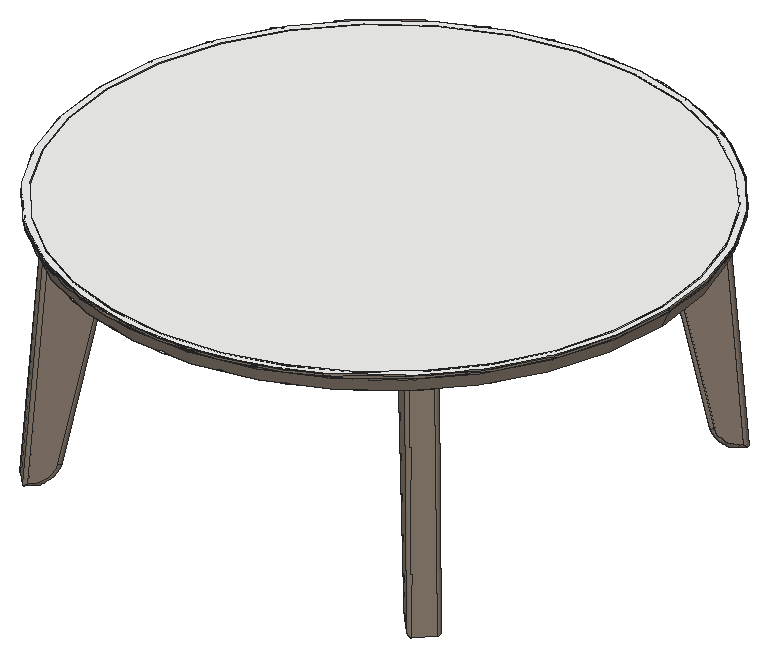
Revit family "Table-Casual-Naughtone-Dalby_DIA_Coffee1", category Furniture, Revit 2016
Family settings
  OmniClass Number = 23.40.20.00
  OmniClass Title = General Furniture and Specialties
  Work Plane-Based = No
  Always vertical = Yes
  Cut with Voids When Loaded = No
  Shared = Yes
  Room Calculation Point = No
Parameters (values of type "850mmx850mmx350mm")
  _distributed by = "www.bimbox.co.uk"  # constant formula
  _current revision = "1"
  _created by = "BIMBox"  # constant formula
  _author = "BIMBox"  # constant formula
  _BIMspec_GUID = 0
  WarrantyStartDate [instance] = "<User Defined>"
  WarrantyGuarantorParts = "sales@naughtone.com"
  WarrantyGuarantorLabor = "sales@naughtone.com"
  WarrantyDurationUnit = "Years"
  WarrantyDurationParts = "5"
  WarrantyDurationLabor = "5"
  WarrantyDescription = "5 year warranty"
  Version = "2"
  Uniclass2015 = "40.50.21.14"
  URL = "http://www.naughtone.com/"
  TypeName = "Table-Casual-Naughtone-Dalby_DIA_Coffee"
  Type Comments = "850x850x350"
  TopRadius [instance] = ((NominalWidth / 2) - (EdgeOffset))  # 415 mm
  TagNumber = "0.000000"
  SustainabilityPerformance = "89.64% reusable content"
  Size = "650mmx650mmx350mm"
  Shape = "Circular"
  SerialNumber = "0.000000"
  ReplacementCost = "0.00"
  ProductInformation = "http://www.naughtone.com/wp-content/uploads/2015/05/Dalby-Brochure-FISP-2015.pdf?49171d"
  Product URL = "http://www.naughtone.com/portfolio-view/dalby"
  Option [instance] = if(HasReverseChamfer, "MFMDF with reverse chamfer", if(HasBandEdge, "MFMDF edge banded", "n/a"))  # "MFMDF with reverse chamfer"
  NominalWidth = 850 mm
  NominalLength = NominalWidth  # 850 mm
  NominalHeight = 350 mm  # constant formula
  Name = "650mmx650mmx350mm, Dalby Circular Coffee Table"
  NBSReference = "40.50.21.14"
  NBSDescription = "n/a"
  Mtrl_Top [instance] = Laminate-White-Smooth
  Mtrl_Frame [instance] = Wood-Oak-Satin_Frame
  Mtrl_EdgeTop [instance] = Wood-Oak-Matte_Top
  ModelReference = "Dalby Circular Coffee Table"
  ModelNumber = "DAL-850-DIA-LO"
  Model = "DAL-850-DIA-LO"
  Material = "MFMDF Top; Solid Oak Legs"
  ManufacturerAddressUK = "201 Pannal Business Park, Station Road, Harrogate, HG3 1JL"  # constant formula
  Manufacturer = "Naughtone"  # constant formula
  Keynote = "40.50.21.14"
  InstallationDate [instance] = "<User Defined>"
  HasReverseChamfer [instance] = yes
  HasBandEdge [instance] = not(HasReverseChamfer)  # no
  Grade = "n/a"
  Finish = "Polyster powder coat; various top finishes available"
  Features = "n/a"
  ExpectedLife = "15-20"
  EdgeOffset [instance] = if(HasReverseChamfer, 10 mm, 5 mm)  # 10 mm
  DurationUnit = "Years"
  Description = "Dalby Circular Coffee Table"
  CreatedOn = "2015.07.15"
  CreatedBy = "Naughtone"  # constant formula
  Cost = 0
  ContactTelephoneNumber = "+44 (0) 1423 816500"
  ContactEmailAddress = "sales@naughtone.com"
  Constituents = "Wood Top; Solid Oak frame"
  ComponentDescription = "The Dalby table will inject warmth and quality into an interior without raising any eyebrows. Dalby provides a practical, robust surface and maximised leg positions for clear, useable access all round the table."
  Color = "White"
  CodePerformance = "FISP Certified; ISO14001 Certified"
  Category = "40.50.21.14 : Coffee Tables"
  BarCode = "0.000000"
  BIMObjectName = "Table-Casual-Naughtone-Dalby_DIA_Coffee"
  AssetType = "Movable"
  AssetIdentifier = "DAL-850-DIA-LO"
  Assembly Code = "E2020"
  AdditionalMaterials = "Additional material and finish options available. Please contact Naughtone direct for further information."
  AccessibilityPerformance = "n/a"
Reference planes
  plane 1 "Center (Front/Back)": y = 0
  plane 2: z = 0
  plane 3 "Center (Left/Right)": x = 0
  plane 4 "Left": x = -425
  plane 5 "Right": x = 425
  plane 6 "Rear": y = 425
  plane 7 "Front": y = -425
  plane 8 "Top": z = 350
  plane 9: x = -415
  plane 10: y = -415
  plane 11: y = 415
  plane 12: x = 415
  plane 13 "EdgeProfile": z = 325
  plane 14: y = -420
Forms (mm)
  Sweep 1, solid, material "Wood-Oak-Matte_Top" <- "Mtrl_EdgeTop", visible <- "HasReverseChamfer"
    path origin (0, 0, 325) x (-1, 0, 0) y (0, -1, 0)
      loop
        circle (0, 0) r 415
    profile origin (0, -415, 325) x (0, 1, 0) y (0, 0, 1)
      loop
        line (0, 25) -> (-9.5, 25)
        arc (-9.5, 25) -> (-9.854, 24.854) -> (-10, 24.5) r 0.5
        line (-10, 24.5) -> (-10, 21.379)
        arc (-10, 21.379) -> (-9.925, 20.513) -> (-9.701, 19.674) r 5
        line (-9.701, 19.674) -> (-1.167, 0) -> (0, 0) -> (0, 25)
  Sweep 2, solid, material "Wood-Oak-Matte_Top" <- "Mtrl_EdgeTop", visible <- "HasBandEdge"
    path origin (0, 0, 325) x (-1, 0, 0) y (0, -1, 0)
      loop
        circle (0, 0) r 415
    profile origin (0, -415, 325) x (0, 1, 0) y (0, 0, 1)
      loop
        line (-5, 20) -> (-5, 5)
        arc (-5, 5) -> (-3.536, 1.464) -> (0, 0) r 5
        line (0, 0) -> (0, 25)
        arc (0, 25) -> (-3.536, 23.536) -> (-5, 20) r 5
  Extrusion 3, solid, material "Laminate-White-Smooth" <- "Mtrl_Top"
    sketch origin (0, 0, 325) x (-1, 0, 0) y (0, -1, 0)
      loop
        circle (0, 0) r 415
    from 0 to 25
Dimensions and locks
  equal spacing: plane 4 "Left", plane 3 "Center (Left/Right)", plane 5 "Right"
  "NominalWidth": plane 4 "Left" to plane 5 "Right"
  equal spacing: plane 6 "Rear", plane 1 "Center (Front/Back)", plane 7 "Front"
  "NominalLength": plane 6 "Rear" to plane 7 "Front"
  "NominalHeight": plane 8 "Top" to level
  "EdgeOffset": plane 4 "Left" to plane 9
  "EdgeOffset": plane 12 to plane 5 "Right"
  "EdgeOffset": plane 6 "Rear" to plane 11
  "EdgeOffset": plane 10 to plane 7 "Front"
  locked: plane 8 "Top" to plane 13 "EdgeProfile" at 25
  locked: plane 14 to plane 10 at 5
  "TopRadius": radius of Extrusion 3 sketch curve
  "TopRadius": radius of Sweep 1 sketch curve
  "TopRadius": radius of Sweep 2 sketch curve
  aligned and locked: level to plane 2
  aligned and locked: plane 8 "Top" to Sweep 1 sketch curve
  aligned and locked: plane 13 "EdgeProfile" to Sweep 1 sketch curve
  aligned and locked: plane 10 to Sweep 2 sketch curve
  aligned and locked: plane 14 to Sweep 2 sketch curve
  aligned and locked: plane 8 "Top" to Extrusion 3
  aligned and locked: Extrusion 3 to plane 13 "EdgeProfile"
  aligned and locked: plane 1 "Center (Front/Back)" to Extrusion 3 sketch curve
  aligned and locked: plane 3 "Center (Left/Right)" to Extrusion 3 sketch curve
  aligned and locked: plane 1 "Center (Front/Back)" to Sweep 1 sketch curve
  aligned and locked: plane 3 "Center (Left/Right)" to Sweep 1 sketch curve
  aligned and locked: plane 3 "Center (Left/Right)" to Sweep 2 sketch curve
  aligned and locked: plane 1 "Center (Front/Back)" to Sweep 2 sketch curve
  aligned and locked: plane 3 "Center (Left/Right)" to nested 1
  aligned and locked: plane 1 "Center (Front/Back)" to nested 1
Automatic sketch dimensions
  Sweep 2 sketch curve to profile plane = 0 mm
  Sweep 2 sketch curve to plane 13 "EdgeProfile" = 0 mm
  Sweep 2 sketch curve to Sweep 2 sketch curve = 15 mm
  Sweep 2 sketch curve to Sweep 2 sketch curve = 0 mm
  Sweep 1 sketch curve to Sweep 1 sketch curve = 0.299 mm
  Sweep 1 sketch curve to Sweep 1 sketch curve = 0.5 mm
  Sweep 1 sketch curve to Sweep 1 sketch curve = 5 mm
  Sweep 1 sketch curve to Sweep 1 sketch curve = 4.826 mm
  profile plane to Sweep 1 sketch curve = 1.167 mm
  Sweep 1 sketch curve to profile plane = 0 mm
  profile plane to Sweep 1 sketch curve = 5 mm
Nested families
  nested 1: "Nested-Frame-Naughtone-Dalby_Low_Circular" at (0, 0, 0), Mtrl_Frame <- "Mtrl_Frame", NominalWidth <- "NominalWidth", type "Dalby Frame"
    with NominalWidth 850 mm, NominalLength 850 mm, Mtrl_Frame Wood-Oak-Satin_Frame, HasRectangularTop no, HasCircularTop yes, FrameWidth 630 mm, FrameLength 630 mm
Definition of nested family "Nested-Frame-Naughtone-Dalby_Low_Circular"
  Parameters (values of type "Dalby Frame")
    _distributed by = "www.bimbox.co.uk"  # constant formula
    _current revision = "1"
    _created by = "BIMBox"  # constant formula
    _author = "BIMBox"  # constant formula
    URL = "http://www.naughtone.com/"
    Type Comments = ""
    NominalWidth [instance] = 850 mm
    NominalLength [instance] = NominalWidth  # 850 mm
    NominalHeight = 350 mm  # constant formula
    Mtrl_Frame [instance] = none
    Model = "Dalby Frame"
    ManufacturerAddressUK = "201 Pannal Business Park, Station Road, Harrogate, HG3 1JL"  # constant formula
    Manufacturer = "Naughtone"  # constant formula
    Keynote = ""
    HasRectangularTop [instance] = 1 > 2  # no
    HasCircularTop [instance] = not(HasRectangularTop)  # yes
    FrameWidth [instance] = if(and(HasCircularTop, NominalWidth = 850 mm), NominalWidth - (110 mm * 2), if(and(HasCircularTop, NominalWidth = 650 mm), NominalWidth - (82 mm * 2), NominalWidth))  # 630 mm
    FrameLength [instance] = if(and(HasCircularTop, NominalLength = 850 mm), NominalLength - (110 mm * 2), if(and(HasCircularTop, NominalLength = 650 mm), NominalLength - (82 mm * 2), NominalLength))  # 630 mm
    Description = "Dalby Frame"
    Cost = 0
    ContactTelephoneNumber = "+44 (0) 1423 816500"
    ContactEmailAddress = "sales@naughtone.com"
    Assembly Code = "E2020"
  Reference planes
    plane 1 "Center (Front/Back)": y = 0
    plane 2: z = 0
    plane 3 "Center (Left/Right)": x = 0
    plane 4 "Left": x = -315
    plane 5 "Right": x = 315
    plane 6 "Rear": y = 315
    plane 7 "Front": y = -315
    plane 8 "Top": z = 350
    plane 9 "EdgeProfile": z = 325
    plane 10: z = 250
    plane 11: z = 255.321
    plane 12: z = 5
    plane 13: z = 255.321
    plane 14: z = 249.22
    plane 15: z = 212.454
    plane 16: z = 202.235
    plane 17: z = 32.847
    plane 18: z = 5
    plane 19: z = 40
    plane 20: x = 300.858
    plane 21: y = -300.858
    plane 22: x = 212.47
    plane 23: x = 240.754
    plane 24: y = -212.47
    plane 25: y = -240.754
    plane 26: y = -226.612
    plane 27: x = 226.612
    plane 28: through (462.47, 9.246, 1200) normal (-0.7071, 0.7071, 0)
    plane 29: through (536.716, -65, 1200) normal (-0.7071, 0.7071, 0)
    plane 30: through (446.795, -147.845, 5) normal (0.7071, -0.7071, 0)
    plane 31: through (429.017, -130.066, 725) normal (-0.7071, 0.7071, 0)
    plane 32: through (442.518, -143.567, 35) normal (-0.7071, 0.7071, 0)
    plane 33: z = 35
    plane 34: z = 32.867
    plane 35: through (391.333, -92.382, 628.573) normal (-0.7071, 0.7071, 0)
    plane 36: z = 228.573
    plane 37: z = 254.63
    plane 38: through (370.173, -71.223, 626.44) normal (-0.7071, 0.7071, 0)
    plane 39: z = 226.44
    plane 40: through (377.429, -78.478, 654.63) normal (-0.7071, 0.7071, 0)
    plane 41: through (421.358, -122.407, 32.867) normal (-0.7071, 0.7071, 0)
    plane 42: y = 300.858
    plane 43: y = 212.47
    plane 44: y = 240.754
    plane 45: y = 226.612
    plane 46: through (462.47, -9.246, 1200) normal (0.7071, 0.7071, 0)
    plane 47: through (536.716, 65, 1200) normal (0.7071, 0.7071, 0)
    plane 48: through (446.795, 147.845, 5) normal (-0.7071, -0.7071, 0)
    plane 49: through (429.017, 130.066, 725) normal (0.7071, 0.7071, 0)
    plane 50: through (442.518, 143.567, 35) normal (0.7071, 0.7071, 0)
    plane 51: through (391.333, 92.382, 628.573) normal (0.7071, 0.7071, 0)
    plane 52: through (370.173, 71.223, 626.44) normal (0.7071, 0.7071, 0)
    plane 53: through (377.429, 78.478, 654.63) normal (0.7071, 0.7071, 0)
    plane 54: through (421.358, 122.407, 32.867) normal (0.7071, 0.7071, 0)
    plane 55: x = -300.858
    plane 56: x = -212.47
    plane 57: x = -240.754
    plane 58: x = -226.612
    plane 59: through (-462.47, 9.246, 1200) normal (-0.7071, -0.7071, 0)
    plane 60: through (-536.716, -65, 1200) normal (-0.7071, -0.7071, 0)
    plane 61: through (-446.795, -147.845, 5) normal (0.7071, 0.7071, 0)
    plane 62: through (-429.017, -130.066, 725) normal (-0.7071, -0.7071, 0)
    plane 63: through (-442.518, -143.567, 35) normal (-0.7071, -0.7071, 0)
    plane 64: through (-391.333, -92.382, 628.573) normal (-0.7071, -0.7071, 0)
    plane 65: through (-370.173, -71.223, 626.44) normal (-0.7071, -0.7071, 0)
    plane 66: through (-377.429, -78.478, 654.63) normal (-0.7071, -0.7071, 0)
    plane 67: through (-421.358, -122.407, 32.867) normal (-0.7071, -0.7071, 0)
    plane 68: z = 5
    plane 69: z = 35
    plane 70: z = 32.867
    plane 71: z = 228.573
    plane 72: z = 254.63
    plane 73: z = 226.44
    plane 74: through (-462.47, -9.246, 1200) normal (0.7071, -0.7071, 0)
    plane 75: through (-536.716, 65, 1200) normal (0.7071, -0.7071, 0)
    plane 76: through (-446.795, 147.845, 5) normal (-0.7071, 0.7071, 0)
    plane 77: through (-429.017, 130.066, 725) normal (0.7071, -0.7071, 0)
    plane 78: through (-442.518, 143.567, 35) normal (0.7071, -0.7071, 0)
    plane 79: through (-391.333, 92.382, 628.573) normal (0.7071, -0.7071, 0)
    plane 80: through (-370.173, 71.223, 626.44) normal (0.7071, -0.7071, 0)
    plane 81: through (-377.429, 78.478, 654.63) normal (0.7071, -0.7071, 0)
    plane 82: through (-421.358, 122.407, 32.867) normal (0.7071, -0.7071, 0)
    plane 83: y = -280.754
    plane 84: x = -280.754
    plane 85: y = 280.754
    plane 86: x = 280.754
  Forms (mm)
    Sweep 1, solid, material <- "Mtrl_Frame"
      path origin (300.858, -300.858, 0) x (-0.707107, 0.707107, 0) y (0, 0, 1)
        loop
          line (30.146, 325) -> (5.003, 5) -> (11.046, 5)
          arc (11.046, 5) -> (31.259, 12.831) -> (40.919, 32.237) r 30
          line (40.919, 32.237) -> (105, 325)
      profile origin (295.184, -295.184, 5) x (0, 0, 1) y (0.707107, 0.707107, 0)
        loop
          arc (0, 20) -> (-3.536, 18.536) -> (-5, 15) r 5
          line (-5, 15) -> (-5, -15)
          arc (-5, -15) -> (-3.536, -18.536) -> (0, -20) r 5
          line (0, -20) -> (0, 20)
    Sweep 2, solid, material <- "Mtrl_Frame"
      path origin (300.858, 300.858, 0) x (-0.707107, -0.707107, 0) y (0, 0, 1)
        loop
          line (30.146, 325) -> (5.003, 5) -> (10.732, 5)
          arc (10.732, 5) -> (29.538, 11.626) -> (40.037, 28.578) r 30
          line (40.037, 28.578) -> (105, 325)
      profile origin (295.295, 295.295, 5) x (0, 0, 1) y (-0.707107, 0.707107, 0)
        loop
          line (0, -20) -> (0, 20)
          arc (0, 20) -> (-3.536, 18.536) -> (-5, 15) r 5
          line (-5, 15) -> (-5, -15)
          arc (-5, -15) -> (-3.536, -18.536) -> (0, -20) r 5
    Sweep 3, solid, material <- "Mtrl_Frame"
      path origin (-300.858, -300.858, 0) x (0.707107, 0.707107, 0) y (0, 0, 1)
        loop
          line (30.146, 325) -> (5.003, 5) -> (10.732, 5)
          arc (10.732, 5) -> (29.538, 11.626) -> (40.037, 28.578) r 30
          line (40.037, 28.578) -> (105, 325)
      profile origin (-295.295, -295.295, 5) x (0, 0, 1) y (0.707107, -0.707107, 0)
        loop
          line (0, -20) -> (0, 20)
          arc (0, 20) -> (-3.536, 18.536) -> (-5, 15) r 5
          line (-5, 15) -> (-5, -15)
          arc (-5, -15) -> (-3.536, -18.536) -> (0, -20) r 5
    Sweep 4, solid, material <- "Mtrl_Frame"
      path origin (-300.858, 300.858, 0) x (0.707107, -0.707107, 0) y (0, 0, 1)
        loop
          line (30.146, 325) -> (5.003, 5) -> (10.732, 5)
          arc (10.732, 5) -> (29.538, 11.626) -> (40.037, 28.578) r 30
          line (40.037, 28.578) -> (105, 325)
      profile origin (-295.295, 295.295, 5) x (0, 0, 1) y (-0.707107, -0.707107, 0)
        loop
          arc (0, 20) -> (-3.536, 18.536) -> (-5, 15) r 5
          line (-5, 15) -> (-5, -15)
          arc (-5, -15) -> (-3.536, -18.536) -> (0, -20) r 5
          line (0, -20) -> (0, 20)
    Extrusion 5, solid, material <- "Mtrl_Frame"
      sketch origin (300.858, -300.858, 0) x (-0.707107, 0.707107, 0) y (0, 0, 1)
        loop
          line (105, 325) -> (30.146, 325) -> (5.003, 5) -> (11.046, 5)
          arc (11.046, 5) -> (31.259, 12.831) -> (40.919, 32.237) r 30
          line (40.919, 32.237) -> (105, 325)
      from -20 to 20
    Extrusion 6, solid, material <- "Mtrl_Frame"
      sketch origin (300.858, 300.858, 0) x (-0.707107, -0.707107, 0) y (0, 0, 1)
        loop
          line (30.146, 325) -> (5.003, 5) -> (10.732, 5)
          arc (10.732, 5) -> (29.538, 11.626) -> (40.037, 28.578) r 30
          line (40.037, 28.578) -> (105, 325) -> (30.146, 325)
      from -20 to 20
    Extrusion 7, solid, material <- "Mtrl_Frame"
      sketch origin (-300.858, -300.858, 0) x (0.707107, 0.707107, 0) y (0, 0, 1)
        loop
          line (30.146, 325) -> (5.003, 5) -> (10.732, 5)
          arc (10.732, 5) -> (29.538, 11.626) -> (40.037, 28.578) r 30
          line (40.037, 28.578) -> (105, 325) -> (30.146, 325)
      from -20 to 20
    Extrusion 8, solid, material <- "Mtrl_Frame"
      sketch origin (-300.858, 300.858, 0) x (0.707107, -0.707107, 0) y (0, 0, 1)
        loop
          line (105, 325) -> (30.146, 325) -> (5.003, 5) -> (10.732, 5)
          arc (10.732, 5) -> (29.538, 11.626) -> (40.037, 28.578) r 30
          line (40.037, 28.578) -> (105, 325)
      from -20 to 20
  Cuts and joins
    joined: Sweep 1, Extrusion 5
    joined: Sweep 2, Extrusion 6
    joined: Sweep 3, Extrusion 7
    joined: Sweep 4, Extrusion 8
  Lines and regions (mm)
    reference lines
      curve 1: line (300.858, -300.858, 0) -> (226.612, -226.612, 0)
      curve 2: line (300.858, 300.858, 0) -> (226.612, 226.612, 0)
      curve 3: line (-300.858, -300.858, 0) -> (-226.612, -226.612, 0)
      curve 4: line (-300.858, 300.858, 0) -> (-226.612, 226.612, 0)
  Dimensions and locks
    equal spacing: plane 4 "Left", plane 3 "Center (Left/Right)", plane 5 "Right"
    "FrameWidth": plane 4 "Left" to plane 5 "Right"
    equal spacing: plane 6 "Rear", plane 1 "Center (Front/Back)", plane 7 "Front"
    "FrameLength": plane 6 "Rear" to plane 7 "Front"
    "NominalHeight": plane 8 "Top" to level
    locked: plane 8 "Top" to plane 9 "EdgeProfile" at 25
    locked: plane 9 "EdgeProfile" to plane 10 at 75
    locked: plane 11 to plane 10 at 5.321
    locked: plane 12 to level at 5
    locked: plane 13 to plane 10 at 5.321
    locked: plane 10 to plane 14 at 0.78
    locked: plane 10 to plane 15 at 37.546
    locked: plane 10 to plane 16 at 47.765
    locked: plane 18 to level at 5
    locked: plane 17 to level at 32.847
    locked: plane 19 to level at 40
    locked: plane 20 to plane 5 "Right" at 14.142
    locked: plane 21 to plane 7 "Front" at 14.142
    locked: plane 7 "Front" to plane 24 at 102.53
    locked: plane 26 to plane 7 "Front" at 88.388
    locked: plane 7 "Front" to plane 25 at 74.246
    locked: plane 23 to plane 5 "Right" at 74.246
    locked: plane 27 to plane 5 "Right" at 88.388
    locked: plane 22 to plane 5 "Right" at 102.53
    locked: plane 30 to plane 29 at 5.003
    locked: plane 28 to plane 31 at 74.854
    locked: plane 28 to plane 40 at 1.897
    locked: plane 28 to plane 35 at 21.561
    locked: plane 38 to plane 28 at 8.363
    locked: plane 36 to plane 10 at 21.427
    locked: plane 10 to plane 39 at 23.56
    locked: plane 10 to plane 37 at 4.63
    locked: plane 32 to plane 29 at 11.053
    locked: plane 41 to plane 29 at 40.977
    locked: level to plane 34 at 32.867
    locked: plane 33 to level at 35
    locked: plane 42 to plane 6 "Rear" at 14.142
    locked: plane 6 "Rear" to plane 43 at 102.53
    locked: plane 45 to plane 6 "Rear" at 88.388
    locked: plane 6 "Rear" to plane 44 at 74.246
    locked: plane 48 to plane 47 at 5.003
    locked: plane 46 to plane 49 at 74.854
    locked: plane 46 to plane 53 at 1.897
    locked: plane 46 to plane 51 at 21.561
    locked: plane 52 to plane 46 at 8.363
    locked: plane 50 to plane 47 at 11.053
    locked: plane 54 to plane 47 at 40.977
    locked: plane 55 to plane 4 "Left" at 14.142
    locked: plane 57 to plane 4 "Left" at 74.246
    locked: plane 58 to plane 4 "Left" at 88.388
    locked: plane 56 to plane 4 "Left" at 102.53
    locked: plane 61 to plane 60 at 5.003
    locked: plane 59 to plane 62 at 74.854
    locked: plane 59 to plane 66 at 1.897
    locked: plane 59 to plane 64 at 21.561
    locked: plane 65 to plane 59 at 8.363
    locked: plane 63 to plane 60 at 11.053
    locked: plane 67 to plane 60 at 40.977
    locked: plane 68 to level at 5
    locked: plane 71 to plane 10 at 21.427
    locked: plane 10 to plane 73 at 23.56
    locked: plane 10 to plane 72 at 4.63
    locked: level to plane 70 at 32.867
    locked: plane 69 to level at 35
    plane 42 to plane 6 "Rear" = 14.142 mm
    plane 6 "Rear" to plane 43 = 102.53 mm
    plane 45 to plane 6 "Rear" = 88.388 mm
    plane 6 "Rear" to plane 44 = 74.246 mm
    locked: plane 76 to plane 75 at 5.003
    locked: plane 74 to plane 77 at 74.854
    locked: plane 74 to plane 81 at 1.897
    locked: plane 74 to plane 79 at 21.561
    locked: plane 80 to plane 74 at 8.363
    locked: plane 78 to plane 75 at 11.053
    locked: plane 82 to plane 75 at 40.977
    locked: plane 83 to plane 25 at 40
    locked: plane 84 to plane 57 at 40
    locked: plane 85 to plane 44 at 40
    locked: plane 23 to plane 86 at 40
    locked: plane 28 to plane 24 (angle 135.00°)
    locked: plane 29 to plane 20 (angle 45.00°)
    locked: plane 21 to plane 29 (angle 45.00°)
    locked: plane 43 to plane 46 (angle 135.00°)
    locked: plane 47 to plane 42 (angle 45.00°)
    locked: plane 20 to plane 47 (angle 45.00°)
    locked: plane 24 to plane 59 (angle 135.00°)
    locked: plane 55 to plane 60 (angle 45.00°)
    locked: plane 60 to plane 21 (angle 45.00°)
    locked: plane 74 to plane 43 (angle 135.00°)
    locked: plane 42 to plane 75 (angle 45.00°)
    locked: plane 75 to plane 55 (angle 45.00°)
    aligned and locked: level to plane 2
    aligned and locked: plane 26 to curve 1
    aligned and locked: plane 20 to curve 1
    aligned and locked: plane 21 to curve 1
    aligned and locked: plane 28 to curve 1
    aligned and locked: plane 9 "EdgeProfile" to Sweep 1 sketch curve  (x2)
    aligned and locked: plane 31 to Sweep 1 sketch curve
    aligned and locked: plane 12 to Sweep 1 sketch curve
    aligned and locked: plane 30 to Sweep 1 sketch curve
    aligned and locked: curve 2 to plane 45
    aligned and locked: curve 2 to plane 42
    aligned and locked: plane 46 to curve 2
    aligned and locked: plane 49 to Sweep 2 sketch curve
    aligned and locked: plane 48 to Sweep 2 sketch curve
    aligned and locked: plane 9 "EdgeProfile" to Sweep 2 sketch curve  (x2)
    aligned and locked: Sweep 2 sketch curve to plane 12
    aligned and locked: curve 3 to plane 55
    aligned and locked: curve 3 to plane 21
    aligned and locked: plane 59 to curve 3
    aligned and locked: plane 62 to Sweep 3 sketch curve
    aligned and locked: plane 61 to Sweep 3 sketch curve
    aligned and locked: plane 9 "EdgeProfile" to Sweep 3 sketch curve  (x2)
    aligned and locked: plane 68 to Sweep 3 sketch curve
    aligned and locked: plane 45 to curve 4
    aligned and locked: plane 42 to curve 4
    aligned and locked: plane 74 to curve 4
    aligned and locked: plane 77 to Sweep 4 sketch curve
    aligned and locked: plane 76 to Sweep 4 sketch curve
    aligned and locked: plane 9 "EdgeProfile" to Sweep 4 sketch curve  (x2)
    aligned and locked: plane 68 to Sweep 4 sketch curve
    aligned and locked: plane 28 to Sweep 1 sketch curve
    aligned and locked: plane 46 to Sweep 2 sketch curve
    aligned and locked: plane 59 to Sweep 3 sketch curve
    aligned and locked: plane 74 to Sweep 4 sketch curve
    aligned and locked: plane 9 "EdgeProfile" to Extrusion 5 sketch curve
    aligned and locked: Extrusion 5 sketch curve to Sweep 1  (x3)
    aligned and locked: Extrusion 6 sketch curve to plane 9 "EdgeProfile"
    aligned and locked: Extrusion 6 sketch curve to Sweep 2  (x3)
    aligned and locked: Extrusion 7 sketch curve to plane 9 "EdgeProfile"
    aligned and locked: Extrusion 7 sketch curve to Sweep 3  (x3)
    aligned and locked: plane 9 "EdgeProfile" to Extrusion 8 sketch curve
    aligned and locked: Extrusion 8 sketch curve to Sweep 4  (x3)
  Automatic sketch dimensions
    curve 4 to plane 55 = 0 mm
    curve 3 to plane 26 = 0 mm
    curve 2 to plane 20 = 0 mm
    Sweep 1 sketch curve to profile plane = 0 mm
    profile plane to Sweep 1 sketch curve = 5 mm
    Sweep 1 sketch curve to profile plane = 20 mm
    profile plane to Sweep 1 sketch curve = 15 mm
    profile plane to Sweep 2 sketch curve = 0 mm
    profile plane to Sweep 2 sketch curve = 5 mm
    Sweep 2 sketch curve to profile plane = 20 mm
    profile plane to Sweep 2 sketch curve = 15 mm
    Sweep 3 sketch curve to profile plane = 0 mm
    profile plane to Sweep 3 sketch curve = 5 mm
    Sweep 3 sketch curve to profile plane = 20 mm
    profile plane to Sweep 3 sketch curve = 15 mm
    profile plane to Sweep 4 sketch curve = 0 mm
    profile plane to Sweep 4 sketch curve = 5 mm
    Sweep 4 sketch curve to profile plane = 20 mm
    profile plane to Sweep 4 sketch curve = 15 mm
    curve 1 to Sweep 1 sketch curve = 11.046 mm
    curve 1 to Sweep 1 sketch curve = 35 mm
    Sweep 1 sketch curve to Sweep 1 sketch curve = 29.872 mm
    curve 2 to Sweep 2 sketch curve = 10.732 mm
    Sweep 2 sketch curve to Sweep 2 sketch curve = 29.305 mm
    Sweep 2 sketch curve to curve 2 = 28.578 mm
    curve 3 to Sweep 3 sketch curve = 10.732 mm
    Sweep 3 sketch curve to Sweep 3 sketch curve = 29.305 mm
    Sweep 3 sketch curve to curve 3 = 28.578 mm
    Sweep 4 sketch curve to Sweep 4 sketch curve = 5.729 mm
    Sweep 4 sketch curve to Sweep 4 sketch curve = 29.305 mm
    Sweep 4 sketch curve to curve 4 = 28.578 mm
    Extrusion 6 sketch curve to curve 2 = 28.578 mm
    Extrusion 7 sketch curve to curve 3 = 28.578 mm
    Extrusion 8 sketch curve to curve 4 = 28.578 mm
